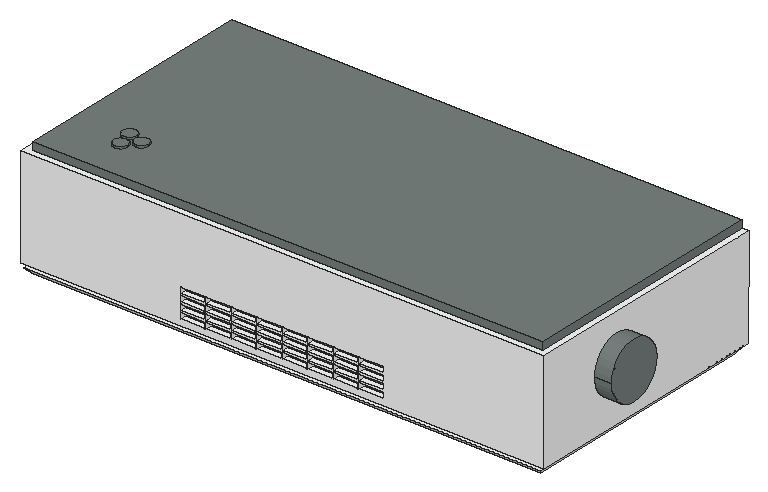
Revit family "AM 150 HBDE", category Mechanical Equipment, Revit 2019
Family settings
  Round Connector Dimension = Use Diameter
  Part Type = Normal
  OmniClass Number = 23.75.00.00
  OmniClass Title = Climate Control (HVAC)
  Work Plane-Based = No
  Always vertical = Yes
  Cut with Voids When Loaded = No
  Shared = No
  Room Calculation Point = No
Parameters
  Weight (Standard Unit) = 47  # constant formula
  Water Heater Surface Return = 15 mm  # constant formula
  Water Heater Surface IN = 15 mm  # constant formula
  URL = "www.airmaster-as.com"
  Total Width = 1170 mm  # constant formula
  Total Hight = 262 mm  # constant formula
  T-C Duct Supply = 158 mm  # constant formula
  T-C Duct Exhaust = 158 mm  # constant formula
  Suply Air In = 125 mm  # constant formula
  Return Air = 125 mm  # constant formula
  R-C Duct Supply = 105 mm  # constant formula
  Phase 1 - Max Power Consumption = "1175 W"
  Phase 1 - Max Current = "7,97 A"
  Nominal current, electrical preheating surface = "4,35 A"
  Nominal current, electrical comfort heating surface = "2,17 A"
  Nominal current, air handling unit = "1,45 A"
  Network Conection = "AWG 24 CAT 5e STP"
  Model = "AM 150 HBDE"
  Max. flow rate 35 dB(A) with ePM10 80% filters = 115.00 m³  # constant formula
  Max. flow rate 35 dB(A) with ePM10 55% filters = 126.00 m³  # constant formula
  Max. flow rate 35 dB(A) with ePM10 50% filters = 147.00 m³  # constant formula
  Max. flow rate 30 dB(A) with ePM10 80% filters = 85.00 m³  # constant formula
  Max. flow rate 30 dB(A) with ePM10 55% filters = 90.00 m³  # constant formula
  Max. flow rate 30 dB(A) with ePM10 50% filters = 115.00 m³  # constant formula
  Manufacturer = "Airmaster A/S"
  Maintenance [instance] = no
  L-C Duct Exhaust = 105 mm  # constant formula
  Exhaust Air = 125 mm  # constant formula
  Total Depth = 571 mm  # constant formula
  Electrical connection = "1 ~ 230 V / N / PE / 50 Hz"
  Drawn By = "LSB"
  Condensate = 6 mm  # constant formula
  BMS Panel = "(PTS) 2x2x0,6"
  BMS Out = "(PTS) 2x2x0,6"
  BMS IN = "(PTS) 2x2x0,6"
  Airlow area [instance] = no
Reference planes
  plane 1 "Center (Front/Back)": y = 0
  plane 2: z = 0
  plane 3 "Center (Left/Right)": x = 0
  plane 4 "Center L/S": y = -571
  plane 5 "Center L/T": x = -585
  plane 6 "Center L/U": x = 585
  plane 7 "TOP": z = 262
  plane 8 "Center L/V": x = -570
  plane 9 "Center L/W": y = -556
  plane 10 "Center L/X": x = 570
  plane 11 "Panel Buttom": z = 20.747
  plane 12 "Panel Top": z = 246.501
  plane 13 "Hatch": z = 14.5
Forms (mm)
  Extrusion 1, solid, material "AM Grey"
    sketch origin (0, 0, 0) x (1, 0, 0) y (0, 1, 0)
      loop
        line (-570, 0) -> (-570, -556) -> (570, -556) -> (570, 0) -> (-570, 0)
    from 14.5 to 262
  Extrusion 2, solid, material "AM White"
    sketch origin (794.5, -1524, 20.747) x (0, -1, 0) y (-1, 0, 0)
      loop
        line (-1524, 1379.5) -> (-1524, 1364.5) -> (-968, 1364.5) -> (-968, 224.5) -> (-1524, 224.5) -> (-1524, 209.5) -> (-953, 209.5) -> (-953, 1379.5) -> (-1524, 1379.5)
    from 0 to -225.754
  Blend 3, solid, material "AM White"
    base sketch origin (-790.646, -1524, 14.5) x (0, -1, 0) y (1, 0, 0)
      loop
        line (-953, 212.613) -> (-953, 1368.657) -> (-1524, 1368.657) -> (-1524, 212.613) -> (-953, 212.613)
    top sketch origin (-790.646, -1524, 14.5) x (0, -1, 0) y (1, 0, 0)
      loop
        line (-968, 223.963) -> (-968, 1357.646) -> (-1509.161, 1357.646) -> (-1509.161, 223.963) -> (-968, 223.963)
    from 0 to -14.5
  Extrusion 4, solid, material "AM Grey"
    sketch origin (-570, 0, 0) x (1, 0, 0) y (0, 0, -1)
      loop
        circle (1050, -104) r 62.5
    from 0 to 18.45
  Extrusion 5, solid, material "AM Grey"
    sketch origin (-785, 0, 0) x (1, 0, 0) y (0, 0, -1)
      loop
        circle (305, -104) r 62.5
    from 0 to 18.45
  Extrusion 6, solid, material "Maintenece", visible <- "Maintenance"
    sketch origin (-790.646, -1524, 0) x (1, 0, 0) y (0, -1, 0)
      loop
        line (205.646, -1524) -> (1375.646, -1524) -> (1375.646, -953) -> (205.646, -953) -> (205.646, -1524)
    from 0 to 1200
  Extrusion 7, solid, material "AM Grey"
    sketch origin (-876.982, -12.495, 262) x (1, 0, 0) y (0, 1, 0)
      loop
        circle (423.027, -417.273) r 15.55
    from 0 to 3
  Extrusion 8, solid, material "AM Grey"
    sketch origin (-866.134, 5.874, 262) x (1, 0, 0) y (0, 1, 0)
      loop
        circle (447.132, -446.023) r 15.55
    from 0 to 3
  Extrusion 9, solid, material "AM Grey"
    sketch origin (-855.713, -13.073, 262) x (1, 0, 0) y (0, 1, 0)
      loop
        circle (410.201, -452.535) r 15.55
    from 0 to 3
  Extrusion 10, void
    sketch origin (585, -571, 24.45) x (1, 0, 0) y (0, 0, -1)
      loop
        line (-811.5, -75.55) -> (-757.5, -75.55) -> (-757.5, -61.55) -> (-811.5, -61.55) -> (-811.5, -75.55)
      loop
        line (-811.5, -58.55) -> (-757.5, -58.55) -> (-757.5, -44.55) -> (-811.5, -44.55) -> (-811.5, -58.55)
      loop
        line (-811.5, -41.55) -> (-757.5, -41.55) -> (-757.5, -27.55) -> (-811.5, -27.55) -> (-811.5, -41.55)
      loop
        line (-811.5, -24.55) -> (-757.5, -24.55) -> (-757.5, -10.55) -> (-811.5, -10.55) -> (-811.5, -24.55)
      loop
        line (-754.5, -75.55) -> (-700.5, -75.55) -> (-700.5, -61.55) -> (-754.5, -61.55) -> (-754.5, -75.55)
      loop
        line (-754.5, -58.55) -> (-700.5, -58.55) -> (-700.5, -44.55) -> (-754.5, -44.55) -> (-754.5, -58.55)
      loop
        line (-754.5, -41.55) -> (-700.5, -41.55) -> (-700.5, -27.55) -> (-754.5, -27.55) -> (-754.5, -41.55)
      loop
        line (-754.5, -24.55) -> (-700.5, -24.55) -> (-700.5, -10.55) -> (-754.5, -10.55) -> (-754.5, -24.55)
      loop
        line (-697.5, -75.55) -> (-643.5, -75.55) -> (-643.5, -61.55) -> (-697.5, -61.55) -> (-697.5, -75.55)
      loop
        line (-697.5, -58.55) -> (-643.5, -58.55) -> (-643.5, -44.55) -> (-697.5, -44.55) -> (-697.5, -58.55)
      loop
        line (-697.5, -41.55) -> (-643.5, -41.55) -> (-643.5, -27.55) -> (-697.5, -27.55) -> (-697.5, -41.55)
      loop
        line (-697.5, -24.55) -> (-643.5, -24.55) -> (-643.5, -10.55) -> (-697.5, -10.55) -> (-697.5, -24.55)
      loop
        line (-640.5, -75.55) -> (-586.5, -75.55) -> (-586.5, -61.55) -> (-640.5, -61.55) -> (-640.5, -75.55)
      loop
        line (-640.5, -58.55) -> (-586.5, -58.55) -> (-586.5, -44.55) -> (-640.5, -44.55) -> (-640.5, -58.55)
      loop
        line (-640.5, -41.55) -> (-586.5, -41.55) -> (-586.5, -27.55) -> (-640.5, -27.55) -> (-640.5, -41.55)
      loop
        line (-640.5, -24.55) -> (-586.5, -24.55) -> (-586.5, -10.55) -> (-640.5, -10.55) -> (-640.5, -24.55)
      loop
        line (-583.5, -75.55) -> (-529.5, -75.55) -> (-529.5, -61.55) -> (-583.5, -61.55) -> (-583.5, -75.55)
      loop
        line (-583.5, -58.55) -> (-529.5, -58.55) -> (-529.5, -44.55) -> (-583.5, -44.55) -> (-583.5, -58.55)
      loop
        line (-583.5, -41.55) -> (-529.5, -41.55) -> (-529.5, -27.55) -> (-583.5, -27.55) -> (-583.5, -41.55)
      loop
        line (-583.5, -24.55) -> (-529.5, -24.55) -> (-529.5, -10.55) -> (-583.5, -10.55) -> (-583.5, -24.55)
      loop
        line (-526.5, -75.55) -> (-472.5, -75.55) -> (-472.5, -61.55) -> (-526.5, -61.55) -> (-526.5, -75.55)
      loop
        line (-526.5, -58.55) -> (-472.5, -58.55) -> (-472.5, -44.55) -> (-526.5, -44.55) -> (-526.5, -58.55)
      loop
        line (-526.5, -41.55) -> (-472.5, -41.55) -> (-472.5, -27.55) -> (-526.5, -27.55) -> (-526.5, -41.55)
      loop
        line (-526.5, -24.55) -> (-472.5, -24.55) -> (-472.5, -10.55) -> (-526.5, -10.55) -> (-526.5, -24.55)
      loop
        line (-469.5, -75.55) -> (-415.5, -75.55) -> (-415.5, -61.55) -> (-469.5, -61.55) -> (-469.5, -75.55)
      loop
        line (-469.5, -58.55) -> (-415.5, -58.55) -> (-415.5, -44.55) -> (-469.5, -44.55) -> (-469.5, -58.55)
      loop
        line (-469.5, -41.55) -> (-415.5, -41.55) -> (-415.5, -27.55) -> (-469.5, -27.55) -> (-469.5, -41.55)
      loop
        line (-469.5, -24.55) -> (-415.5, -24.55) -> (-415.5, -10.55) -> (-469.5, -10.55) -> (-469.5, -24.55)
      loop
        line (-412.5, -75.55) -> (-358.5, -75.55) -> (-358.5, -61.55) -> (-412.5, -61.55) -> (-412.5, -75.55)
      loop
        line (-412.5, -58.55) -> (-358.5, -58.55) -> (-358.5, -44.55) -> (-412.5, -44.55) -> (-412.5, -58.55)
      loop
        line (-412.5, -41.55) -> (-358.5, -41.55) -> (-358.5, -27.55) -> (-412.5, -27.55) -> (-412.5, -41.55)
      loop
        line (-412.5, -24.55) -> (-358.5, -24.55) -> (-358.5, -10.55) -> (-412.5, -10.55) -> (-412.5, -24.55)
    from 0 to 15
  Extrusion 11, solid, material "AM Grey"
    sketch origin (585, 0, 20.747) x (0, -1, 0) y (0, 0, -1)
      loop
        circle (369, -122.253) r 62.5
    from 0 to 40
Cuts and joins
  Extrusion 10 cuts Extrusion 1
  Extrusion 10 cuts Extrusion 2
Dimensions and locks
  "Total Depth": plane 4 "Center L/S" to plane 1 "Center (Front/Back)"
  equal spacing: plane 5 "Center L/T", plane 3 "Center (Left/Right)", plane 6 "Center L/U"
  "Total Width": plane 5 "Center L/T" to plane 6 "Center L/U"
  "Total Hight": plane 7 "TOP" to level
  locked: plane 10 "Center L/X" to plane 6 "Center L/U" at 15
  locked: plane 4 "Center L/S" to plane 9 "Center L/W" at 15
  locked: plane 5 "Center L/T" to plane 8 "Center L/V" at 15
  Extrusion 1 to Blend 3 sketch curve = 14.839 mm
  "R-C Duct Supply": plane 6 "Center L/U" to Extrusion 4 sketch curve
  "T-C Duct Exhaust": Extrusion 5 sketch curve to plane 7 "TOP"
  "L-C Duct Exhaust": Extrusion 5 sketch curve to plane 5 "Center L/T"
  "T-C Duct Supply": plane 7 "TOP" to Extrusion 4 sketch curve
  cut or joined group of Extrusion 1, Extrusion 10 to Extrusion 11 sketch curve = 119 mm
  Extrusion 11 sketch curve to plane 1 "Center (Front/Back)" = 369 mm
  "Suply Air In": diameter of Extrusion 4 sketch curve
  "Exhaust Air": diameter of Extrusion 5 sketch curve
  aligned and locked: level to plane 2
  aligned and locked: plane 1 "Center (Front/Back)" to Extrusion 1 sketch curve
  aligned and locked: plane 8 "Center L/V" to Extrusion 1 sketch curve
  aligned and locked: Extrusion 1 sketch curve to plane 9 "Center L/W"
  aligned and locked: Extrusion 1 sketch curve to plane 10 "Center L/X"
  aligned and locked: plane 7 "TOP" to Extrusion 1
  aligned and locked: plane 5 "Center L/T" to Extrusion 2 sketch curve
  aligned and locked: plane 4 "Center L/S" to Extrusion 2 sketch curve
  aligned and locked: plane 6 "Center L/U" to Extrusion 2 sketch curve
  aligned and locked: Extrusion 2 sketch curve to Extrusion 1  (x3)
  aligned and locked: plane 1 "Center (Front/Back)" to Extrusion 2 sketch curve
  aligned and locked: Extrusion 2 to plane 12 "Panel Top"
  aligned and locked: Blend 3 to plane 2
  aligned and locked: plane 13 "Hatch" to Extrusion 1
Automatic sketch dimensions
  plane 1 "Center (Front/Back)" to Extrusion 2 sketch curve = 0 mm
  plane 1 "Center (Front/Back)" to Blend 3 sketch curve = 0 mm
  plane 4 "Center L/S" to Blend 3 sketch curve = 0 mm
  plane 5 "Center L/T" to Blend 3 sketch curve = 6.967 mm
  Blend 3 sketch curve to plane 6 "Center L/U" = 6.989 mm
  plane 9 "Center L/W" to Blend 3 sketch curve = 0 mm
  plane 8 "Center L/V" to Blend 3 sketch curve = 3.316 mm
  Blend 3 sketch curve to plane 10 "Center L/X" = 3 mm
  Extrusion 6 sketch curve to Blend 3 = 18.316 mm
  Extrusion 6 sketch curve to Blend 3 = 18 mm
  Extrusion 6 sketch curve to Blend 3 = 15 mm
  Extrusion 6 sketch curve to Blend 3 = 14.839 mm
  Extrusion 7 sketch curve to Extrusion 1 = 1023.955 mm
  Extrusion 7 sketch curve to Extrusion 1 = 126.232 mm
  Extrusion 8 sketch curve to Extrusion 1 = 989.002 mm
  Extrusion 8 sketch curve to Extrusion 1 = 115.851 mm
  Extrusion 9 sketch curve to Extrusion 1 = 1015.512 mm
  Extrusion 9 sketch curve to Extrusion 1 = 90.392 mm
  Extrusion 10 sketch curve to Extrusion 2 = 79.253 mm  (x2)
  Extrusion 10 sketch curve to Extrusion 2 = 358.5 mm
  Extrusion 10 sketch curve to Extrusion 2 = 14.253 mm
  Extrusion 10 sketch curve to Extrusion 10 sketch curve = 0 mm  (x60)
  Extrusion 10 sketch curve to Extrusion 10 sketch curve = 54 mm  (x8)
  Extrusion 10 sketch curve to Extrusion 10 sketch curve = 3 mm  (x38)
  Extrusion 10 sketch curve to Extrusion 10 sketch curve = 14 mm  (x18)
  radius of Extrusion 7 sketch curve = 15.55 mm
  radius of Extrusion 8 sketch curve = 15.55 mm
  radius of Extrusion 9 sketch curve = 15.55 mm
  radius of Extrusion 11 sketch curve = 62.5 mm
Nested families
  nested 1: "Model Label 2019" at (0, -361.924, 0), Label <- "Model", type "Model Label 2019"
    with Label "AM 150 HBDE"
  nested 2: "indblæssymbol" at (0, -621, 0) x (0, -1, 0) z (0, 0, 1), type "indblæssymbol"
    with dX_ 609 mm, dX 609 mm, ang2D 0.00°
Connectors
  electrical at (-453.955, -429.768, 262)
    settings: on Extrusion 7, index 13, voltage 230 V, apparent load 0 VA, apparent load phase1 0 VA, apparent load phase2 0 VA, apparent load phase3 0 VA, power factor 0.55, load classification "Other", number of poles 1, system type 30, power factor state 1, is connector primary yes, connector utility no, sub classification motor no, connector description ""
  electrical at (-419.002, -440.149, 262), driven by "BMS Out"
    settings: on Extrusion 8, index 14, voltage 0 V, apparent load 0 VA, apparent load phase1 0 VA, apparent load phase2 0 VA, apparent load phase3 0 VA, power factor 1, load classification "Other", number of poles 1, system type 5, power factor state 1, is connector primary no, connector utility no, sub classification motor no, connector description "(PTS) 2x2x0,6"
  electrical at (-445.512, -465.608, 262), driven by "BMS IN"
    settings: on Extrusion 9, index 15, voltage 0 V, apparent load 0 VA, apparent load phase1 0 VA, apparent load phase2 0 VA, apparent load phase3 0 VA, power factor 1, load classification "Other", number of poles 1, system type 5, power factor state 1, is connector primary no, connector utility no, sub classification motor no, connector description "(PTS) 2x2x0,6"
  hvac at (-480, 0, 104), driven by "Exhaust Air"
    settings: on Extrusion 5, index 17, duct flow 0.0 L/s, flow factor 0, pres drop 0.0 Pa, loss coef 0, conn angle 0.00°, conn width 304.8 mm, conn height 304.8 mm, conn diameter 125 mm, duct sys type 3, conn prof type 0, flow config 2, flow direction 2, loss method 0, conn ref index -1, conn util no, is conn primary yes, conn desc ""
  hvac at (480, 0, 104), driven by "Suply Air In"
    settings: on Extrusion 4, index 18, duct flow 0.0 L/s, flow factor 0, pres drop 0.0 Pa, loss coef 0, conn angle 0.00°, conn width 304.8 mm, conn height 304.8 mm, conn diameter 125 mm, duct sys type 1, conn prof type 0, flow config 2, flow direction 1, loss method 0, conn ref index -1, conn util no, is conn primary no, conn desc ""
  hvac at (585, -369, 143), driven by "Return Air"
    settings: on Extrusion 11, index 19, duct flow 0.0 L/s, flow factor 0, pres drop 0.0 Pa, loss coef 0, conn angle 0.00°, conn width 304.8 mm, conn height 304.8 mm, conn diameter 125 mm, duct sys type 2, conn prof type 0, flow config 2, flow direction 1, loss method 0, conn ref index -1, conn util no, is conn primary no, conn desc ""
Definition of nested family "Model Label 2019"
  Parameters (values of type "Model Label 2019")
    Label [instance] = ""
  Reference planes
    plane 1: y = 0
    plane 2: x = 0
  Text (mm)
    label "Label" at (-0.131, 0.049, 0), shows "Label"
Definition of nested family "indblæssymbol"
  Parameters (values of type "indblæssymbol")
    dX_ [instance] = if(dX = 0 mm, 1 mm, dX)  # 609 mm
    dX [instance] = 609 mm
    ang2D [instance] = 0.00°
    Type Comments = "DO NOT CHANGE dX value from 608 mm ( 2 ft )"
    Afstand pil = 50 mm
  Reference planes
    plane 1 "Center (Front/Back)": y = 0
    plane 2: z = 0
    plane 3 "Center (Left/Right)": x = 0
  Lines and regions (mm)
    Filled region 1, type "Concrete", in view "Ref. Level"
      outline origin (50.005, 0, 0) x (1, 0, 0) y (0, 1, 0)
        loop
          line (399.995, 0.414) -> (301.442, 17.365) -> (301.588, -17.365) -> (399.995, 0.414)
    reference lines, in view "Ref. Level"
      curve 1: line (50, 134.129, 0) -> (50, -145.871, 0)
    detail lines, in view "Ref. Level"
      curve 2: line (351.52, 0, 0) -> (50, 0, 0)
  Dimensions and locks
    "Afstand pil": plane 3 "Center (Left/Right)" to curve 1
    curve 1 to Filled region 1 = 400 mm
  Automatic sketch dimensions
    Filled region 1 sketch curve to plane 1 "Center (Front/Back)" = 0.414 mm
    plane 3 "Center (Left/Right)" to Filled region 1 sketch curve = 450 mm
    plane 1 "Center (Front/Back)" to Filled region 1 sketch curve = 17.365 mm
    Filled region 1 sketch curve to Filled region 1 sketch curve = 98.407 mm
    Filled region 1 sketch curve to plane 1 "Center (Front/Back)" = 17.365 mm
    Filled region 1 sketch curve to Filled region 1 sketch curve = 0.146 mm
    plane 1 "Center (Front/Back)" to curve 2 = 0 mm
    plane 3 "Center (Left/Right)" to curve 2 = 50 mm
    curve 2 to curve 2 = 301.52 mm
    plane 1 "Center (Front/Back)" to curve 1 = 145.871 mm
    curve 1 to plane 1 "Center (Front/Back)" = 134.129 mm
